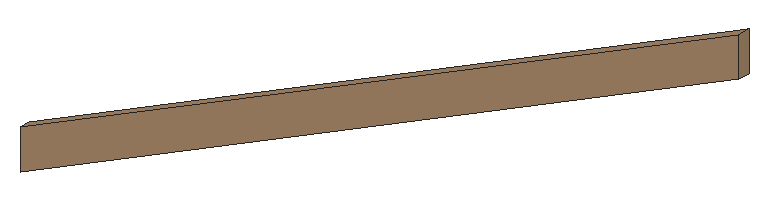
Revit family "EFRidgeBeam", category Structural Framing, Revit 2021
Family settings
  Section Shape = Not Defined
  Material for Model Behavior = Other
  Always export as geometry = No
  OmniClass Number = 23.25.30.21.14
  OmniClass Title = Trussed Beams and Joists
  Work Plane-Based = No
  Always vertical = Yes
  Cut with Voids When Loaded = No
  Symbolic Representation = From Family
  Shared = No
  Show family pre-cut in plan views = Yes
Parameters
  b = 50 mm
  Structural Material [instance] = Cherry
  Span [instance] = 3000 mm
  Slope [instance] = 25.00°
  d = 150 mm
Reference planes
  plane 1 "Center (Front/Back)": y = 0
  plane 2: z = 0
  plane 3 "Center (Left/Right)": x = 0
  plane 4: x = 1500
  plane 5: x = -1500
Forms (mm)
  Extrusion 1, solid, material "Cherry"
    sketch origin (0, 0, 0) x (1, 0, 0) y (0, 0, 1)
      loop
        line (-1500, -699.461) -> (-1500, -864.968) -> (1500, 533.955) -> (1500, 699.461) -> (-1500, -699.461)
    from -25 to 25
Lines and regions (mm)
  reference lines
    curve 1: line (0, 0, 0) -> (888.182, 0, 414.166)
    curve 2: line (155.563, 0, -92.966) -> (1043.745, 0, 321.2)
    curve 3: line (0, 25, 1265.697) -> (0, 25, -1134.303)
    curve 4: line (0, -25, 1265.697) -> (0, -25, -1134.303)
Dimensions and locks
  equal spacing: plane 5, plane 3 "Center (Left/Right)", plane 4
  "Span": plane 5 to plane 4
  "d": curve 1 to curve 2
  equal spacing: curve 3, plane 1 "Center (Front/Back)", curve 4
  "b": curve 3 to curve 4
  "Slope": angle curve 1 to level
  aligned and locked: plane 2 to level
  aligned and locked: Extrusion 1 sketch curve to curve 1
  aligned and locked: Extrusion 1 sketch curve to curve 2
  aligned and locked: plane 4 to Extrusion 1 sketch curve
  aligned and locked: plane 5 to Extrusion 1 sketch curve
  aligned and locked: curve 3 to Extrusion 1
  aligned and locked: Extrusion 1 to curve 4
Automatic sketch dimensions
  plane 3 "Center (Left/Right)" to curve 2 = 155.563 mm
  curve 1 to curve 2 = 155.563 mm
  curve 1 to plane 3 "Center (Left/Right)" = 0 mm
  curve 1 to level = 0 mm
  curve 3 to level = 1134.303 mm
  curve 4 to curve 3 = 0 mm  (x2)
  level to curve 4 = 1265.697 mm
